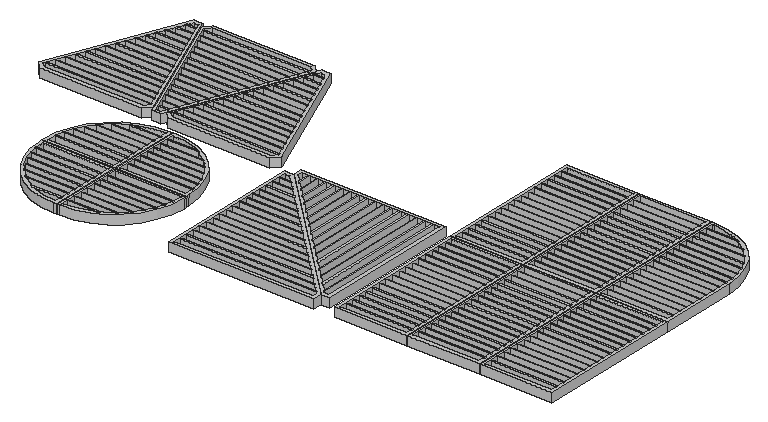
Revit family "CDL-WFD-006_MARTHA'S_RFA", category Modelos genéricos, Revit 2022 (continued)
Forms (in)
  Extrusion 236, solid, not visible
    sketch origin (0.11662, 0.00149, -1.20924) x (0, 1, 0) y (0, 0, -1)
      loop
        line (0.96881, 1.14538) -> (0.96881, -1.85462) -> (0.65631, -1.85462) -> (0.65631, -2.35462) -> (0.96881, -2.35462) -> (3.48948, -2.35462) -> (3.48948, -0.60462) -> (4.19814, -0.60462) -> (4.19814, -2.35462) -> (9.23948, -2.35462) -> (9.23948, -0.60462) -> (9.94814, -0.60462) -> (9.94814, -2.35462) -> (14.98948, -2.35462) -> (14.98948, -0.60462) -> (15.69814, -0.60462) -> (15.69814, -2.35462) -> (20.73948, -2.35462) -> (20.73948, -0.60462) -> (21.44814, -0.60462) -> (21.44814, -2.35462) -> (24.28131, -2.35462) -> (24.28131, -1.85462) -> (23.96881, -1.85462) -> (23.96881, 1.14538) -> (0.96881, 1.14538)
    from -3.96341 to -3.49097
  Extrusion 237, solid, not visible
    sketch origin (-0.00149, 0.00149, -1.20924) x (0, 1, 0) y (0, 0, -1)
      loop
        line (0.96881, 1.14538) -> (0.96881, -1.85462) -> (0.65631, -1.85462) -> (0.65631, -2.35462) -> (0.96881, -2.35462) -> (3.48948, -2.35462) -> (3.48948, -0.60462) -> (4.19814, -0.60462) -> (4.19814, -2.35462) -> (9.23948, -2.35462) -> (9.23948, -0.60462) -> (9.94814, -0.60462) -> (9.94814, -2.35462) -> (14.98948, -2.35462) -> (14.98948, -0.60462) -> (15.69814, -0.60462) -> (15.69814, -2.35462) -> (20.73948, -2.35462) -> (20.73948, -0.60462) -> (21.44814, -0.60462) -> (21.44814, -2.35462) -> (24.28131, -2.35462) -> (24.28131, -1.85462) -> (23.96881, -1.85462) -> (23.96881, 1.14538) -> (0.96881, 1.14538)
    from -4.19963 to -4.08152
  Extrusion 238, solid, not visible
    sketch origin (0, 0, 0) x (1, 0, 0) y (0, 0, 1)
      loop
        line (0.96881, 0.64538) -> (0.96881, -2.35462) -> (3.48948, -2.35462) -> (3.48948, -0.60462) -> (4.19814, -0.60462) -> (4.19814, -2.35462) -> (9.23948, -2.35462) -> (9.23948, -0.60462) -> (9.94814, -0.60462) -> (9.94814, -2.35462) -> (14.98948, -2.35462) -> (14.98948, -0.60462) -> (15.69814, -0.60462) -> (15.69814, -2.35462) -> (20.73948, -2.35462) -> (20.73948, -0.60462) -> (21.44814, -0.60462) -> (21.44814, -2.35462) -> (23.96881, -2.35462) -> (23.96881, 0.64538) -> (24.28131, 0.64538) -> (24.28131, 1.14538) -> (0.65631, 1.14538) -> (0.65631, 0.64538) -> (0.96881, 0.64538)
    from -3.60908 to -3.49097
  Extrusion 239, solid, not visible
    sketch origin (0, 0, 0) x (1, 0, 0) y (0, 0, 1)
      loop
        line (0.96881, 0.64538) -> (0.96881, -2.35462) -> (3.48948, -2.35462) -> (3.48948, -0.60462) -> (4.19814, -0.60462) -> (4.19814, -2.35462) -> (9.23948, -2.35462) -> (9.23948, -0.60462) -> (9.94814, -0.60462) -> (9.94814, -2.35462) -> (14.98948, -2.35462) -> (14.98948, -0.60462) -> (15.69814, -0.60462) -> (15.69814, -2.35462) -> (20.73948, -2.35462) -> (20.73948, -0.60462) -> (21.44814, -0.60462) -> (21.44814, -2.35462) -> (23.96881, -2.35462) -> (23.96881, 0.64538) -> (24.28131, 0.64538) -> (24.28131, 1.14538) -> (0.65631, 1.14538) -> (0.65631, 0.64538) -> (0.96881, 0.64538)
    from -4.08152 to -3.60908
  Extrusion 240, solid, not visible
    sketch origin (0, 0, 0) x (1, 0, 0) y (0, 0, 1)
      loop
        line (0.96881, 0.64538) -> (0.96881, -2.35462) -> (3.48948, -2.35462) -> (3.48948, -0.60462) -> (4.19814, -0.60462) -> (4.19814, -2.35462) -> (9.23948, -2.35462) -> (9.23948, -0.60462) -> (9.94814, -0.60462) -> (9.94814, -2.35462) -> (14.98948, -2.35462) -> (14.98948, -0.60462) -> (15.69814, -0.60462) -> (15.69814, -2.35462) -> (20.73948, -2.35462) -> (20.73948, -0.60462) -> (21.44814, -0.60462) -> (21.44814, -2.35462) -> (23.96881, -2.35462) -> (23.96881, 0.64538) -> (24.28131, 0.64538) -> (24.28131, 1.14538) -> (0.65631, 1.14538) -> (0.65631, 0.64538) -> (0.96881, 0.64538)
    from -4.19963 to -4.08152
  Extrusion 241, solid, not visible
    sketch origin (0, 0, 0) x (1, 0, 0) y (0, 0, 1)
      loop
        line (0.96881, 0.64538) -> (0.96881, -2.35462) -> (3.48948, -2.35462) -> (3.48948, -0.60462) -> (4.19814, -0.60462) -> (4.19814, -2.35462) -> (9.23948, -2.35462) -> (9.23948, -0.60462) -> (9.94814, -0.60462) -> (9.94814, -2.35462) -> (14.98948, -2.35462) -> (14.98948, -0.60462) -> (15.69814, -0.60462) -> (15.69814, -2.35462) -> (20.73948, -2.35462) -> (20.73948, -0.60462) -> (21.44814, -0.60462) -> (21.44814, -2.35462) -> (23.96881, -2.35462) -> (23.96881, 0.64538) -> (24.28131, 0.64538) -> (24.28131, 1.14538) -> (0.65631, 1.14538) -> (0.65631, 0.64538) -> (0.96881, 0.64538)
    from -9.94963 to -9.83152
  Extrusion 242, solid, not visible
    sketch origin (0, 0, 0) x (1, 0, 0) y (0, 0, 1)
      loop
        line (0.96881, 0.64538) -> (0.96881, -2.35462) -> (3.48948, -2.35462) -> (3.48948, -0.60462) -> (4.19814, -0.60462) -> (4.19814, -2.35462) -> (9.23948, -2.35462) -> (9.23948, -0.60462) -> (9.94814, -0.60462) -> (9.94814, -2.35462) -> (14.98948, -2.35462) -> (14.98948, -0.60462) -> (15.69814, -0.60462) -> (15.69814, -2.35462) -> (20.73948, -2.35462) -> (20.73948, -0.60462) -> (21.44814, -0.60462) -> (21.44814, -2.35462) -> (23.96881, -2.35462) -> (23.96881, 0.64538) -> (24.28131, 0.64538) -> (24.28131, 1.14538) -> (0.65631, 1.14538) -> (0.65631, 0.64538) -> (0.96881, 0.64538)
    from -9.35908 to -9.24097
  Extrusion 243, solid, not visible
    sketch origin (0, 0, 0) x (1, 0, 0) y (0, 0, 1)
      loop
        line (0.96881, 0.64538) -> (0.96881, -2.35462) -> (3.48948, -2.35462) -> (3.48948, -0.60462) -> (4.19814, -0.60462) -> (4.19814, -2.35462) -> (9.23948, -2.35462) -> (9.23948, -0.60462) -> (9.94814, -0.60462) -> (9.94814, -2.35462) -> (14.98948, -2.35462) -> (14.98948, -0.60462) -> (15.69814, -0.60462) -> (15.69814, -2.35462) -> (20.73948, -2.35462) -> (20.73948, -0.60462) -> (21.44814, -0.60462) -> (21.44814, -2.35462) -> (23.96881, -2.35462) -> (23.96881, 0.64538) -> (24.28131, 0.64538) -> (24.28131, 1.14538) -> (0.65631, 1.14538) -> (0.65631, 0.64538) -> (0.96881, 0.64538)
    from -9.83152 to -9.35908
  Extrusion 244, solid, not visible
    sketch origin (0, 0, 0) x (1, 0, 0) y (0, 0, 1)
      loop
        line (0.96881, 0.64538) -> (0.96881, -2.35462) -> (3.48948, -2.35462) -> (3.48948, -0.60462) -> (4.19814, -0.60462) -> (4.19814, -2.35462) -> (9.23948, -2.35462) -> (9.23948, -0.60462) -> (9.94814, -0.60462) -> (9.94814, -2.35462) -> (14.98948, -2.35462) -> (14.98948, -0.60462) -> (15.69814, -0.60462) -> (15.69814, -2.35462) -> (20.73948, -2.35462) -> (20.73948, -0.60462) -> (21.44814, -0.60462) -> (21.44814, -2.35462) -> (23.96881, -2.35462) -> (23.96881, 0.64538) -> (24.28131, 0.64538) -> (24.28131, 1.14538) -> (0.65631, 1.14538) -> (0.65631, 0.64538) -> (0.96881, 0.64538)
    from -15.69963 to -15.58152
  Extrusion 245, solid, not visible
    sketch origin (0, 0, 0) x (1, 0, 0) y (0, 0, 1)
      loop
        line (0.96881, 0.64538) -> (0.96881, -2.35462) -> (3.48948, -2.35462) -> (3.48948, -0.60462) -> (4.19814, -0.60462) -> (4.19814, -2.35462) -> (9.23948, -2.35462) -> (9.23948, -0.60462) -> (9.94814, -0.60462) -> (9.94814, -2.35462) -> (14.98948, -2.35462) -> (14.98948, -0.60462) -> (15.69814, -0.60462) -> (15.69814, -2.35462) -> (20.73948, -2.35462) -> (20.73948, -0.60462) -> (21.44814, -0.60462) -> (21.44814, -2.35462) -> (23.96881, -2.35462) -> (23.96881, 0.64538) -> (24.28131, 0.64538) -> (24.28131, 1.14538) -> (0.65631, 1.14538) -> (0.65631, 0.64538) -> (0.96881, 0.64538)
    from -15.10908 to -14.99097
  Extrusion 246, solid, not visible
    sketch origin (0, 0, 0) x (1, 0, 0) y (0, 0, 1)
      loop
        line (0.96881, 0.64538) -> (0.96881, -2.35462) -> (3.48948, -2.35462) -> (3.48948, -0.60462) -> (4.19814, -0.60462) -> (4.19814, -2.35462) -> (9.23948, -2.35462) -> (9.23948, -0.60462) -> (9.94814, -0.60462) -> (9.94814, -2.35462) -> (14.98948, -2.35462) -> (14.98948, -0.60462) -> (15.69814, -0.60462) -> (15.69814, -2.35462) -> (20.73948, -2.35462) -> (20.73948, -0.60462) -> (21.44814, -0.60462) -> (21.44814, -2.35462) -> (23.96881, -2.35462) -> (23.96881, 0.64538) -> (24.28131, 0.64538) -> (24.28131, 1.14538) -> (0.65631, 1.14538) -> (0.65631, 0.64538) -> (0.96881, 0.64538)
    from -15.58152 to -15.10908
  Extrusion 247, solid, not visible
    sketch origin (0, 0, 0) x (1, 0, 0) y (0, 0, 1)
      loop
        line (0.96881, 0.64538) -> (0.96881, -2.35462) -> (3.48948, -2.35462) -> (3.48948, -0.60462) -> (4.19814, -0.60462) -> (4.19814, -2.35462) -> (9.23948, -2.35462) -> (9.23948, -0.60462) -> (9.94814, -0.60462) -> (9.94814, -2.35462) -> (14.98948, -2.35462) -> (14.98948, -0.60462) -> (15.69814, -0.60462) -> (15.69814, -2.35462) -> (20.73948, -2.35462) -> (20.73948, -0.60462) -> (21.44814, -0.60462) -> (21.44814, -2.35462) -> (23.96881, -2.35462) -> (23.96881, 0.64538) -> (24.28131, 0.64538) -> (24.28131, 1.14538) -> (0.65631, 1.14538) -> (0.65631, 0.64538) -> (0.96881, 0.64538)
    from -21.44963 to -21.33152
  Extrusion 248, solid, not visible
    sketch origin (0, 0, 0) x (1, 0, 0) y (0, 0, 1)
      loop
        line (0.96881, 0.64538) -> (0.96881, -2.35462) -> (3.48948, -2.35462) -> (3.48948, -0.60462) -> (4.19814, -0.60462) -> (4.19814, -2.35462) -> (9.23948, -2.35462) -> (9.23948, -0.60462) -> (9.94814, -0.60462) -> (9.94814, -2.35462) -> (14.98948, -2.35462) -> (14.98948, -0.60462) -> (15.69814, -0.60462) -> (15.69814, -2.35462) -> (20.73948, -2.35462) -> (20.73948, -0.60462) -> (21.44814, -0.60462) -> (21.44814, -2.35462) -> (23.96881, -2.35462) -> (23.96881, 0.64538) -> (24.28131, 0.64538) -> (24.28131, 1.14538) -> (0.65631, 1.14538) -> (0.65631, 0.64538) -> (0.96881, 0.64538)
    from -20.85908 to -20.74097
  Extrusion 249, solid, not visible
    sketch origin (0, 0, 0) x (1, 0, 0) y (0, 0, 1)
      loop
        line (0.96881, 0.64538) -> (0.96881, -2.35462) -> (3.48948, -2.35462) -> (3.48948, -0.60462) -> (4.19814, -0.60462) -> (4.19814, -2.35462) -> (9.23948, -2.35462) -> (9.23948, -0.60462) -> (9.94814, -0.60462) -> (9.94814, -2.35462) -> (14.98948, -2.35462) -> (14.98948, -0.60462) -> (15.69814, -0.60462) -> (15.69814, -2.35462) -> (20.73948, -2.35462) -> (20.73948, -0.60462) -> (21.44814, -0.60462) -> (21.44814, -2.35462) -> (23.96881, -2.35462) -> (23.96881, 0.64538) -> (24.28131, 0.64538) -> (24.28131, 1.14538) -> (0.65631, 1.14538) -> (0.65631, 0.64538) -> (0.96881, 0.64538)
    from -21.33152 to -20.85908
  Extrusion 250, solid, not visible
    sketch origin (-0.00149, 0.00149, -1.20924) x (0, 1, 0) y (0, 0, -1)
      loop
        line (0.96881, 1.14538) -> (0.96881, -1.85462) -> (0.65631, -1.85462) -> (0.65631, -2.35462) -> (0.96881, -2.35462) -> (3.48948, -2.35462) -> (3.48948, -0.60462) -> (4.19814, -0.60462) -> (4.19814, -2.35462) -> (9.23948, -2.35462) -> (9.23948, -0.60462) -> (9.94814, -0.60462) -> (9.94814, -2.35462) -> (14.98948, -2.35462) -> (14.98948, -0.60462) -> (15.69814, -0.60462) -> (15.69814, -2.35462) -> (20.73948, -2.35462) -> (20.73948, -0.60462) -> (21.44814, -0.60462) -> (21.44814, -2.35462) -> (24.28131, -2.35462) -> (24.28131, -1.85462) -> (23.96881, -1.85462) -> (23.96881, 1.14538) -> (0.96881, 1.14538)
    from -3.60908 to -3.49097
  Extrusion 251, solid, not visible
    sketch origin (0.11662, 0.00149, -1.20924) x (0, 1, 0) y (0, 0, -1)
      loop
        line (0.96881, 1.14538) -> (0.96881, -1.85462) -> (0.65631, -1.85462) -> (0.65631, -2.35462) -> (0.96881, -2.35462) -> (3.48948, -2.35462) -> (3.48948, -0.60462) -> (4.19814, -0.60462) -> (4.19814, -2.35462) -> (9.23948, -2.35462) -> (9.23948, -0.60462) -> (9.94814, -0.60462) -> (9.94814, -2.35462) -> (14.98948, -2.35462) -> (14.98948, -0.60462) -> (15.69814, -0.60462) -> (15.69814, -2.35462) -> (20.73948, -2.35462) -> (20.73948, -0.60462) -> (21.44814, -0.60462) -> (21.44814, -2.35462) -> (24.28131, -2.35462) -> (24.28131, -1.85462) -> (23.96881, -1.85462) -> (23.96881, 1.14538) -> (0.96881, 1.14538)
    from -3.96341 to -3.49097
  Extrusion 252, solid, not visible
    sketch origin (-0.00149, 0.00149, -1.20924) x (0, 1, 0) y (0, 0, -1)
      loop
        line (0.96881, 1.14538) -> (0.96881, -1.85462) -> (0.65631, -1.85462) -> (0.65631, -2.35462) -> (0.96881, -2.35462) -> (3.48948, -2.35462) -> (3.48948, -0.60462) -> (4.19814, -0.60462) -> (4.19814, -2.35462) -> (9.23948, -2.35462) -> (9.23948, -0.60462) -> (9.94814, -0.60462) -> (9.94814, -2.35462) -> (14.98948, -2.35462) -> (14.98948, -0.60462) -> (15.69814, -0.60462) -> (15.69814, -2.35462) -> (20.73948, -2.35462) -> (20.73948, -0.60462) -> (21.44814, -0.60462) -> (21.44814, -2.35462) -> (24.28131, -2.35462) -> (24.28131, -1.85462) -> (23.96881, -1.85462) -> (23.96881, 1.14538) -> (0.96881, 1.14538)
    from -4.19963 to -4.08152
  Extrusion 253, solid, not visible
    sketch origin (5.74851, 0.00149, -1.20924) x (0, 1, 0) y (0, 0, -1)
      loop
        line (0.96881, 1.14538) -> (0.96881, -1.85462) -> (0.65631, -1.85462) -> (0.65631, -2.35462) -> (0.96881, -2.35462) -> (3.48948, -2.35462) -> (3.48948, -0.60462) -> (4.19814, -0.60462) -> (4.19814, -2.35462) -> (9.23948, -2.35462) -> (9.23948, -0.60462) -> (9.94814, -0.60462) -> (9.94814, -2.35462) -> (14.98948, -2.35462) -> (14.98948, -0.60462) -> (15.69814, -0.60462) -> (15.69814, -2.35462) -> (20.73948, -2.35462) -> (20.73948, -0.60462) -> (21.44814, -0.60462) -> (21.44814, -2.35462) -> (24.28131, -2.35462) -> (24.28131, -1.85462) -> (23.96881, -1.85462) -> (23.96881, 1.14538) -> (0.96881, 1.14538)
    from -4.19963 to -4.08152
  Extrusion 254, solid, not visible
    sketch origin (5.15796, 0.00149, -1.20924) x (0, 1, 0) y (0, 0, -1)
      loop
        line (0.96881, 1.14538) -> (0.96881, -1.85462) -> (0.65631, -1.85462) -> (0.65631, -2.35462) -> (0.96881, -2.35462) -> (3.48948, -2.35462) -> (3.48948, -0.60462) -> (4.19814, -0.60462) -> (4.19814, -2.35462) -> (9.23948, -2.35462) -> (9.23948, -0.60462) -> (9.94814, -0.60462) -> (9.94814, -2.35462) -> (14.98948, -2.35462) -> (14.98948, -0.60462) -> (15.69814, -0.60462) -> (15.69814, -2.35462) -> (20.73948, -2.35462) -> (20.73948, -0.60462) -> (21.44814, -0.60462) -> (21.44814, -2.35462) -> (24.28131, -2.35462) -> (24.28131, -1.85462) -> (23.96881, -1.85462) -> (23.96881, 1.14538) -> (0.96881, 1.14538)
    from -4.19963 to -4.08152
  Extrusion 255, solid, not visible
    sketch origin (11.49851, 0.00149, -1.20924) x (0, 1, 0) y (0, 0, -1)
      loop
        line (0.96881, 1.14538) -> (0.96881, -1.85462) -> (0.65631, -1.85462) -> (0.65631, -2.35462) -> (0.96881, -2.35462) -> (3.48948, -2.35462) -> (3.48948, -0.60462) -> (4.19814, -0.60462) -> (4.19814, -2.35462) -> (9.23948, -2.35462) -> (9.23948, -0.60462) -> (9.94814, -0.60462) -> (9.94814, -2.35462) -> (14.98948, -2.35462) -> (14.98948, -0.60462) -> (15.69814, -0.60462) -> (15.69814, -2.35462) -> (20.73948, -2.35462) -> (20.73948, -0.60462) -> (21.44814, -0.60462) -> (21.44814, -2.35462) -> (24.28131, -2.35462) -> (24.28131, -1.85462) -> (23.96881, -1.85462) -> (23.96881, 1.14538) -> (0.96881, 1.14538)
    from -4.19963 to -4.08152
  Extrusion 256, solid, not visible
    sketch origin (10.90796, 0.00149, -1.20924) x (0, 1, 0) y (0, 0, -1)
      loop
        line (0.96881, 1.14538) -> (0.96881, -1.85462) -> (0.65631, -1.85462) -> (0.65631, -2.35462) -> (0.96881, -2.35462) -> (3.48948, -2.35462) -> (3.48948, -0.60462) -> (4.19814, -0.60462) -> (4.19814, -2.35462) -> (9.23948, -2.35462) -> (9.23948, -0.60462) -> (9.94814, -0.60462) -> (9.94814, -2.35462) -> (14.98948, -2.35462) -> (14.98948, -0.60462) -> (15.69814, -0.60462) -> (15.69814, -2.35462) -> (20.73948, -2.35462) -> (20.73948, -0.60462) -> (21.44814, -0.60462) -> (21.44814, -2.35462) -> (24.28131, -2.35462) -> (24.28131, -1.85462) -> (23.96881, -1.85462) -> (23.96881, 1.14538) -> (0.96881, 1.14538)
    from -4.19963 to -4.08152
  Extrusion 257, solid, not visible
    sketch origin (16.65796, 0.00149, -1.20924) x (0, 1, 0) y (0, 0, -1)
      loop
        line (0.96881, 1.14538) -> (0.96881, -1.85462) -> (0.65631, -1.85462) -> (0.65631, -2.35462) -> (0.96881, -2.35462) -> (3.48948, -2.35462) -> (3.48948, -0.60462) -> (4.19814, -0.60462) -> (4.19814, -2.35462) -> (9.23948, -2.35462) -> (9.23948, -0.60462) -> (9.94814, -0.60462) -> (9.94814, -2.35462) -> (14.98948, -2.35462) -> (14.98948, -0.60462) -> (15.69814, -0.60462) -> (15.69814, -2.35462) -> (20.73948, -2.35462) -> (20.73948, -0.60462) -> (21.44814, -0.60462) -> (21.44814, -2.35462) -> (24.28131, -2.35462) -> (24.28131, -1.85462) -> (23.96881, -1.85462) -> (23.96881, 1.14538) -> (0.96881, 1.14538)
    from -4.19963 to -4.08152
  Extrusion 258, solid, not visible
    sketch origin (17.24851, 0.00149, -1.20924) x (0, 1, 0) y (0, 0, -1)
      loop
        line (0.96881, 1.14538) -> (0.96881, -1.85462) -> (0.65631, -1.85462) -> (0.65631, -2.35462) -> (0.96881, -2.35462) -> (3.48948, -2.35462) -> (3.48948, -0.60462) -> (4.19814, -0.60462) -> (4.19814, -2.35462) -> (9.23948, -2.35462) -> (9.23948, -0.60462) -> (9.94814, -0.60462) -> (9.94814, -2.35462) -> (14.98948, -2.35462) -> (14.98948, -0.60462) -> (15.69814, -0.60462) -> (15.69814, -2.35462) -> (20.73948, -2.35462) -> (20.73948, -0.60462) -> (21.44814, -0.60462) -> (21.44814, -2.35462) -> (24.28131, -2.35462) -> (24.28131, -1.85462) -> (23.96881, -1.85462) -> (23.96881, 1.14538) -> (0.96881, 1.14538)
    from -4.19963 to -4.08152
  Extrusion 259, solid, not visible
    sketch origin (5.86662, 0.00149, -1.20924) x (0, 1, 0) y (0, 0, -1)
      loop
        line (0.96881, 1.14538) -> (0.96881, -1.85462) -> (0.65631, -1.85462) -> (0.65631, -2.35462) -> (0.96881, -2.35462) -> (3.48948, -2.35462) -> (3.48948, -0.60462) -> (4.19814, -0.60462) -> (4.19814, -2.35462) -> (9.23948, -2.35462) -> (9.23948, -0.60462) -> (9.94814, -0.60462) -> (9.94814, -2.35462) -> (14.98948, -2.35462) -> (14.98948, -0.60462) -> (15.69814, -0.60462) -> (15.69814, -2.35462) -> (20.73948, -2.35462) -> (20.73948, -0.60462) -> (21.44814, -0.60462) -> (21.44814, -2.35462) -> (24.28131, -2.35462) -> (24.28131, -1.85462) -> (23.96881, -1.85462) -> (23.96881, 1.14538) -> (0.96881, 1.14538)
    from -3.96341 to -3.49097
  Extrusion 260, solid, not visible
    sketch origin (11.61662, 0.00149, -1.20924) x (0, 1, 0) y (0, 0, -1)
      loop
        line (0.96881, 1.14538) -> (0.96881, -1.85462) -> (0.65631, -1.85462) -> (0.65631, -2.35462) -> (0.96881, -2.35462) -> (3.48948, -2.35462) -> (3.48948, -0.60462) -> (4.19814, -0.60462) -> (4.19814, -2.35462) -> (9.23948, -2.35462) -> (9.23948, -0.60462) -> (9.94814, -0.60462) -> (9.94814, -2.35462) -> (14.98948, -2.35462) -> (14.98948, -0.60462) -> (15.69814, -0.60462) -> (15.69814, -2.35462) -> (20.73948, -2.35462) -> (20.73948, -0.60462) -> (21.44814, -0.60462) -> (21.44814, -2.35462) -> (24.28131, -2.35462) -> (24.28131, -1.85462) -> (23.96881, -1.85462) -> (23.96881, 1.14538) -> (0.96881, 1.14538)
    from -3.96341 to -3.49097
  Extrusion 261, solid, not visible
    sketch origin (17.36662, 0.00149, -1.20924) x (0, 1, 0) y (0, 0, -1)
      loop
        line (0.96881, 1.14538) -> (0.96881, -1.85462) -> (0.65631, -1.85462) -> (0.65631, -2.35462) -> (0.96881, -2.35462) -> (3.48948, -2.35462) -> (3.48948, -0.60462) -> (4.19814, -0.60462) -> (4.19814, -2.35462) -> (9.23948, -2.35462) -> (9.23948, -0.60462) -> (9.94814, -0.60462) -> (9.94814, -2.35462) -> (14.98948, -2.35462) -> (14.98948, -0.60462) -> (15.69814, -0.60462) -> (15.69814, -2.35462) -> (20.73948, -2.35462) -> (20.73948, -0.60462) -> (21.44814, -0.60462) -> (21.44814, -2.35462) -> (24.28131, -2.35462) -> (24.28131, -1.85462) -> (23.96881, -1.85462) -> (23.96881, 1.14538) -> (0.96881, 1.14538)
    from -3.96341 to -3.49097
  Extrusion 262, solid, not visible
    sketch origin (0, 0, 0) x (1, 0, 0) y (0, 0, 1)
      loop
        line (0.96881, 0.64538) -> (0.96881, -2.35462) -> (3.48948, -2.35462) -> (3.48948, -0.60462) -> (4.19814, -0.60462) -> (4.19814, -2.35462) -> (9.23948, -2.35462) -> (9.23948, -0.60462) -> (9.94814, -0.60462) -> (9.94814, -2.35462) -> (14.98948, -2.35462) -> (14.98948, -0.60462) -> (15.69814, -0.60462) -> (15.69814, -2.35462) -> (20.73948, -2.35462) -> (20.73948, -0.60462) -> (21.44814, -0.60462) -> (21.44814, -2.35462) -> (23.96881, -2.35462) -> (23.96881, 0.64538) -> (24.28131, 0.64538) -> (24.28131, 1.14538) -> (0.65631, 1.14538) -> (0.65631, 0.64538) -> (0.96881, 0.64538)
    from -3.60908 to -3.49097
  Extrusion 263, solid, not visible
    sketch origin (0, 0, 0) x (1, 0, 0) y (0, 0, 1)
      loop
        line (0.96881, 0.64538) -> (0.96881, -2.35462) -> (3.48948, -2.35462) -> (3.48948, -0.60462) -> (4.19814, -0.60462) -> (4.19814, -2.35462) -> (9.23948, -2.35462) -> (9.23948, -0.60462) -> (9.94814, -0.60462) -> (9.94814, -2.35462) -> (14.98948, -2.35462) -> (14.98948, -0.60462) -> (15.69814, -0.60462) -> (15.69814, -2.35462) -> (20.73948, -2.35462) -> (20.73948, -0.60462) -> (21.44814, -0.60462) -> (21.44814, -2.35462) -> (23.96881, -2.35462) -> (23.96881, 0.64538) -> (24.28131, 0.64538) -> (24.28131, 1.14538) -> (0.65631, 1.14538) -> (0.65631, 0.64538) -> (0.96881, 0.64538)
    from -4.08152 to -3.60908
  Extrusion 264, solid, not visible
    sketch origin (0, 0, 0) x (1, 0, 0) y (0, 0, 1)
      loop
        line (0.96881, 0.64538) -> (0.96881, -2.35462) -> (3.48948, -2.35462) -> (3.48948, -0.60462) -> (4.19814, -0.60462) -> (4.19814, -2.35462) -> (9.23948, -2.35462) -> (9.23948, -0.60462) -> (9.94814, -0.60462) -> (9.94814, -2.35462) -> (14.98948, -2.35462) -> (14.98948, -0.60462) -> (15.69814, -0.60462) -> (15.69814, -2.35462) -> (20.73948, -2.35462) -> (20.73948, -0.60462) -> (21.44814, -0.60462) -> (21.44814, -2.35462) -> (23.96881, -2.35462) -> (23.96881, 0.64538) -> (24.28131, 0.64538) -> (24.28131, 1.14538) -> (0.65631, 1.14538) -> (0.65631, 0.64538) -> (0.96881, 0.64538)
    from -4.19963 to -4.08152
  Extrusion 265, solid, not visible
    sketch origin (-0.00149, 0.00149, -1.20924) x (0, 1, 0) y (0, 0, -1)
      loop
        line (0.96881, 1.14538) -> (0.96881, -1.85462) -> (0.65631, -1.85462) -> (0.65631, -2.35462) -> (0.96881, -2.35462) -> (3.48948, -2.35462) -> (3.48948, -0.60462) -> (4.19814, -0.60462) -> (4.19814, -2.35462) -> (9.23948, -2.35462) -> (9.23948, -0.60462) -> (9.94814, -0.60462) -> (9.94814, -2.35462) -> (14.98948, -2.35462) -> (14.98948, -0.60462) -> (15.69814, -0.60462) -> (15.69814, -2.35462) -> (20.73948, -2.35462) -> (20.73948, -0.60462) -> (21.44814, -0.60462) -> (21.44814, -2.35462) -> (24.28131, -2.35462) -> (24.28131, -1.85462) -> (23.96881, -1.85462) -> (23.96881, 1.14538) -> (0.96881, 1.14538)
    from -3.60908 to -3.49097
  Extrusion 266, solid, not visible
    sketch origin (0.11662, 0.00149, -1.20924) x (0, 1, 0) y (0, 0, -1)
      loop
        line (0.96881, 1.14538) -> (0.96881, -1.85462) -> (0.65631, -1.85462) -> (0.65631, -2.35462) -> (0.96881, -2.35462) -> (3.48948, -2.35462) -> (3.48948, -0.60462) -> (4.19814, -0.60462) -> (4.19814, -2.35462) -> (9.23948, -2.35462) -> (9.23948, -0.60462) -> (9.94814, -0.60462) -> (9.94814, -2.35462) -> (14.98948, -2.35462) -> (14.98948, -0.60462) -> (15.69814, -0.60462) -> (15.69814, -2.35462) -> (20.73948, -2.35462) -> (20.73948, -0.60462) -> (21.44814, -0.60462) -> (21.44814, -2.35462) -> (24.28131, -2.35462) -> (24.28131, -1.85462) -> (23.96881, -1.85462) -> (23.96881, 1.14538) -> (0.96881, 1.14538)
    from -3.96341 to -3.49097
  Extrusion 267, solid, not visible
    sketch origin (-0.00149, 0.00149, -1.20924) x (0, 1, 0) y (0, 0, -1)
      loop
        line (0.96881, 1.14538) -> (0.96881, -1.85462) -> (0.65631, -1.85462) -> (0.65631, -2.35462) -> (0.96881, -2.35462) -> (3.48948, -2.35462) -> (3.48948, -0.60462) -> (4.19814, -0.60462) -> (4.19814, -2.35462) -> (9.23948, -2.35462) -> (9.23948, -0.60462) -> (9.94814, -0.60462) -> (9.94814, -2.35462) -> (14.98948, -2.35462) -> (14.98948, -0.60462) -> (15.69814, -0.60462) -> (15.69814, -2.35462) -> (20.73948, -2.35462) -> (20.73948, -0.60462) -> (21.44814, -0.60462) -> (21.44814, -2.35462) -> (24.28131, -2.35462) -> (24.28131, -1.85462) -> (23.96881, -1.85462) -> (23.96881, 1.14538) -> (0.96881, 1.14538)
    from -4.19963 to -4.08152
  Extrusion 268, solid, not visible
    sketch origin (0, 0, 0) x (1, 0, 0) y (0, 0, 1)
      loop
        line (0.96881, 0.64538) -> (0.96881, -2.35462) -> (3.48948, -2.35462) -> (3.48948, -0.60462) -> (4.19814, -0.60462) -> (4.19814, -2.35462) -> (9.23948, -2.35462) -> (9.23948, -0.60462) -> (9.94814, -0.60462) -> (9.94814, -2.35462) -> (14.98948, -2.35462) -> (14.98948, -0.60462) -> (15.69814, -0.60462) -> (15.69814, -2.35462) -> (20.73948, -2.35462) -> (20.73948, -0.60462) -> (21.44814, -0.60462) -> (21.44814, -2.35462) -> (23.96881, -2.35462) -> (23.96881, 0.64538) -> (24.28131, 0.64538) -> (24.28131, 1.14538) -> (0.65631, 1.14538) -> (0.65631, 0.64538) -> (0.96881, 0.64538)
    from -9.94963 to -9.83152
  Extrusion 269, solid, not visible
    sketch origin (0, 0, 0) x (1, 0, 0) y (0, 0, 1)
      loop
        line (0.96881, 0.64538) -> (0.96881, -2.35462) -> (3.48948, -2.35462) -> (3.48948, -0.60462) -> (4.19814, -0.60462) -> (4.19814, -2.35462) -> (9.23948, -2.35462) -> (9.23948, -0.60462) -> (9.94814, -0.60462) -> (9.94814, -2.35462) -> (14.98948, -2.35462) -> (14.98948, -0.60462) -> (15.69814, -0.60462) -> (15.69814, -2.35462) -> (20.73948, -2.35462) -> (20.73948, -0.60462) -> (21.44814, -0.60462) -> (21.44814, -2.35462) -> (23.96881, -2.35462) -> (23.96881, 0.64538) -> (24.28131, 0.64538) -> (24.28131, 1.14538) -> (0.65631, 1.14538) -> (0.65631, 0.64538) -> (0.96881, 0.64538)
    from -9.35908 to -9.24097
  Extrusion 270, solid, not visible
    sketch origin (0, 0, 0) x (1, 0, 0) y (0, 0, 1)
      loop
        line (0.96881, 0.64538) -> (0.96881, -2.35462) -> (3.48948, -2.35462) -> (3.48948, -0.60462) -> (4.19814, -0.60462) -> (4.19814, -2.35462) -> (9.23948, -2.35462) -> (9.23948, -0.60462) -> (9.94814, -0.60462) -> (9.94814, -2.35462) -> (14.98948, -2.35462) -> (14.98948, -0.60462) -> (15.69814, -0.60462) -> (15.69814, -2.35462) -> (20.73948, -2.35462) -> (20.73948, -0.60462) -> (21.44814, -0.60462) -> (21.44814, -2.35462) -> (23.96881, -2.35462) -> (23.96881, 0.64538) -> (24.28131, 0.64538) -> (24.28131, 1.14538) -> (0.65631, 1.14538) -> (0.65631, 0.64538) -> (0.96881, 0.64538)
    from -9.83152 to -9.35908
  Extrusion 271, solid, not visible
    sketch origin (0, 0, 0) x (1, 0, 0) y (0, 0, 1)
      loop
        line (0.96881, 0.64538) -> (0.96881, -2.35462) -> (3.48948, -2.35462) -> (3.48948, -0.60462) -> (4.19814, -0.60462) -> (4.19814, -2.35462) -> (9.23948, -2.35462) -> (9.23948, -0.60462) -> (9.94814, -0.60462) -> (9.94814, -2.35462) -> (14.98948, -2.35462) -> (14.98948, -0.60462) -> (15.69814, -0.60462) -> (15.69814, -2.35462) -> (20.73948, -2.35462) -> (20.73948, -0.60462) -> (21.44814, -0.60462) -> (21.44814, -2.35462) -> (23.96881, -2.35462) -> (23.96881, 0.64538) -> (24.28131, 0.64538) -> (24.28131, 1.14538) -> (0.65631, 1.14538) -> (0.65631, 0.64538) -> (0.96881, 0.64538)
    from -15.69963 to -15.58152
  Extrusion 272, solid, not visible
    sketch origin (0, 0, 0) x (1, 0, 0) y (0, 0, 1)
      loop
        line (0.96881, 0.64538) -> (0.96881, -2.35462) -> (3.48948, -2.35462) -> (3.48948, -0.60462) -> (4.19814, -0.60462) -> (4.19814, -2.35462) -> (9.23948, -2.35462) -> (9.23948, -0.60462) -> (9.94814, -0.60462) -> (9.94814, -2.35462) -> (14.98948, -2.35462) -> (14.98948, -0.60462) -> (15.69814, -0.60462) -> (15.69814, -2.35462) -> (20.73948, -2.35462) -> (20.73948, -0.60462) -> (21.44814, -0.60462) -> (21.44814, -2.35462) -> (23.96881, -2.35462) -> (23.96881, 0.64538) -> (24.28131, 0.64538) -> (24.28131, 1.14538) -> (0.65631, 1.14538) -> (0.65631, 0.64538) -> (0.96881, 0.64538)
    from -15.10908 to -14.99097
  Extrusion 273, solid, not visible
    sketch origin (0, 0, 0) x (1, 0, 0) y (0, 0, 1)
      loop
        line (0.96881, 0.64538) -> (0.96881, -2.35462) -> (3.48948, -2.35462) -> (3.48948, -0.60462) -> (4.19814, -0.60462) -> (4.19814, -2.35462) -> (9.23948, -2.35462) -> (9.23948, -0.60462) -> (9.94814, -0.60462) -> (9.94814, -2.35462) -> (14.98948, -2.35462) -> (14.98948, -0.60462) -> (15.69814, -0.60462) -> (15.69814, -2.35462) -> (20.73948, -2.35462) -> (20.73948, -0.60462) -> (21.44814, -0.60462) -> (21.44814, -2.35462) -> (23.96881, -2.35462) -> (23.96881, 0.64538) -> (24.28131, 0.64538) -> (24.28131, 1.14538) -> (0.65631, 1.14538) -> (0.65631, 0.64538) -> (0.96881, 0.64538)
    from -15.58152 to -15.10908
  Extrusion 274, solid, not visible
    sketch origin (0, 0, 0) x (1, 0, 0) y (0, 0, 1)
      loop
        line (0.96881, 0.64538) -> (0.96881, -2.35462) -> (3.48948, -2.35462) -> (3.48948, -0.60462) -> (4.19814, -0.60462) -> (4.19814, -2.35462) -> (9.23948, -2.35462) -> (9.23948, -0.60462) -> (9.94814, -0.60462) -> (9.94814, -2.35462) -> (14.98948, -2.35462) -> (14.98948, -0.60462) -> (15.69814, -0.60462) -> (15.69814, -2.35462) -> (20.73948, -2.35462) -> (20.73948, -0.60462) -> (21.44814, -0.60462) -> (21.44814, -2.35462) -> (23.96881, -2.35462) -> (23.96881, 0.64538) -> (24.28131, 0.64538) -> (24.28131, 1.14538) -> (0.65631, 1.14538) -> (0.65631, 0.64538) -> (0.96881, 0.64538)
    from -21.44963 to -21.33152
  Extrusion 275, solid, not visible
    sketch origin (0, 0, 0) x (1, 0, 0) y (0, 0, 1)
      loop
        line (0.96881, 0.64538) -> (0.96881, -2.35462) -> (3.48948, -2.35462) -> (3.48948, -0.60462) -> (4.19814, -0.60462) -> (4.19814, -2.35462) -> (9.23948, -2.35462) -> (9.23948, -0.60462) -> (9.94814, -0.60462) -> (9.94814, -2.35462) -> (14.98948, -2.35462) -> (14.98948, -0.60462) -> (15.69814, -0.60462) -> (15.69814, -2.35462) -> (20.73948, -2.35462) -> (20.73948, -0.60462) -> (21.44814, -0.60462) -> (21.44814, -2.35462) -> (23.96881, -2.35462) -> (23.96881, 0.64538) -> (24.28131, 0.64538) -> (24.28131, 1.14538) -> (0.65631, 1.14538) -> (0.65631, 0.64538) -> (0.96881, 0.64538)
    from -20.85908 to -20.74097
  Extrusion 276, solid, not visible
    sketch origin (0, 0, 0) x (1, 0, 0) y (0, 0, 1)
      loop
        line (0.96881, 0.64538) -> (0.96881, -2.35462) -> (3.48948, -2.35462) -> (3.48948, -0.60462) -> (4.19814, -0.60462) -> (4.19814, -2.35462) -> (9.23948, -2.35462) -> (9.23948, -0.60462) -> (9.94814, -0.60462) -> (9.94814, -2.35462) -> (14.98948, -2.35462) -> (14.98948, -0.60462) -> (15.69814, -0.60462) -> (15.69814, -2.35462) -> (20.73948, -2.35462) -> (20.73948, -0.60462) -> (21.44814, -0.60462) -> (21.44814, -2.35462) -> (23.96881, -2.35462) -> (23.96881, 0.64538) -> (24.28131, 0.64538) -> (24.28131, 1.14538) -> (0.65631, 1.14538) -> (0.65631, 0.64538) -> (0.96881, 0.64538)
    from -21.33152 to -20.85908
  Extrusion 277, solid, not visible
    sketch origin (5.74851, 0.00149, -1.20924) x (0, 1, 0) y (0, 0, -1)
      loop
        line (0.96881, 1.14538) -> (0.96881, -1.85462) -> (0.65631, -1.85462) -> (0.65631, -2.35462) -> (0.96881, -2.35462) -> (3.48948, -2.35462) -> (3.48948, -0.60462) -> (4.19814, -0.60462) -> (4.19814, -2.35462) -> (9.23948, -2.35462) -> (9.23948, -0.60462) -> (9.94814, -0.60462) -> (9.94814, -2.35462) -> (14.98948, -2.35462) -> (14.98948, -0.60462) -> (15.69814, -0.60462) -> (15.69814, -2.35462) -> (20.73948, -2.35462) -> (20.73948, -0.60462) -> (21.44814, -0.60462) -> (21.44814, -2.35462) -> (24.28131, -2.35462) -> (24.28131, -1.85462) -> (23.96881, -1.85462) -> (23.96881, 1.14538) -> (0.96881, 1.14538)
    from -4.19963 to -4.08152
  Extrusion 278, solid, not visible
    sketch origin (5.15796, 0.00149, -1.20924) x (0, 1, 0) y (0, 0, -1)
      loop
        line (0.96881, 1.14538) -> (0.96881, -1.85462) -> (0.65631, -1.85462) -> (0.65631, -2.35462) -> (0.96881, -2.35462) -> (3.48948, -2.35462) -> (3.48948, -0.60462) -> (4.19814, -0.60462) -> (4.19814, -2.35462) -> (9.23948, -2.35462) -> (9.23948, -0.60462) -> (9.94814, -0.60462) -> (9.94814, -2.35462) -> (14.98948, -2.35462) -> (14.98948, -0.60462) -> (15.69814, -0.60462) -> (15.69814, -2.35462) -> (20.73948, -2.35462) -> (20.73948, -0.60462) -> (21.44814, -0.60462) -> (21.44814, -2.35462) -> (24.28131, -2.35462) -> (24.28131, -1.85462) -> (23.96881, -1.85462) -> (23.96881, 1.14538) -> (0.96881, 1.14538)
    from -4.19963 to -4.08152
  Extrusion 279, solid, not visible
    sketch origin (11.49851, 0.00149, -1.20924) x (0, 1, 0) y (0, 0, -1)
      loop
        line (0.96881, 1.14538) -> (0.96881, -1.85462) -> (0.65631, -1.85462) -> (0.65631, -2.35462) -> (0.96881, -2.35462) -> (3.48948, -2.35462) -> (3.48948, -0.60462) -> (4.19814, -0.60462) -> (4.19814, -2.35462) -> (9.23948, -2.35462) -> (9.23948, -0.60462) -> (9.94814, -0.60462) -> (9.94814, -2.35462) -> (14.98948, -2.35462) -> (14.98948, -0.60462) -> (15.69814, -0.60462) -> (15.69814, -2.35462) -> (20.73948, -2.35462) -> (20.73948, -0.60462) -> (21.44814, -0.60462) -> (21.44814, -2.35462) -> (24.28131, -2.35462) -> (24.28131, -1.85462) -> (23.96881, -1.85462) -> (23.96881, 1.14538) -> (0.96881, 1.14538)
    from -4.19963 to -4.08152
  Extrusion 280, solid, not visible
    sketch origin (10.90796, 0.00149, -1.20924) x (0, 1, 0) y (0, 0, -1)
      loop
        line (0.96881, 1.14538) -> (0.96881, -1.85462) -> (0.65631, -1.85462) -> (0.65631, -2.35462) -> (0.96881, -2.35462) -> (3.48948, -2.35462) -> (3.48948, -0.60462) -> (4.19814, -0.60462) -> (4.19814, -2.35462) -> (9.23948, -2.35462) -> (9.23948, -0.60462) -> (9.94814, -0.60462) -> (9.94814, -2.35462) -> (14.98948, -2.35462) -> (14.98948, -0.60462) -> (15.69814, -0.60462) -> (15.69814, -2.35462) -> (20.73948, -2.35462) -> (20.73948, -0.60462) -> (21.44814, -0.60462) -> (21.44814, -2.35462) -> (24.28131, -2.35462) -> (24.28131, -1.85462) -> (23.96881, -1.85462) -> (23.96881, 1.14538) -> (0.96881, 1.14538)
    from -4.19963 to -4.08152
  Extrusion 281, solid, not visible
    sketch origin (16.65796, 0.00149, -1.20924) x (0, 1, 0) y (0, 0, -1)
      loop
        line (0.96881, 1.14538) -> (0.96881, -1.85462) -> (0.65631, -1.85462) -> (0.65631, -2.35462) -> (0.96881, -2.35462) -> (3.48948, -2.35462) -> (3.48948, -0.60462) -> (4.19814, -0.60462) -> (4.19814, -2.35462) -> (9.23948, -2.35462) -> (9.23948, -0.60462) -> (9.94814, -0.60462) -> (9.94814, -2.35462) -> (14.98948, -2.35462) -> (14.98948, -0.60462) -> (15.69814, -0.60462) -> (15.69814, -2.35462) -> (20.73948, -2.35462) -> (20.73948, -0.60462) -> (21.44814, -0.60462) -> (21.44814, -2.35462) -> (24.28131, -2.35462) -> (24.28131, -1.85462) -> (23.96881, -1.85462) -> (23.96881, 1.14538) -> (0.96881, 1.14538)
    from -4.19963 to -4.08152
  Extrusion 282, solid, not visible
    sketch origin (17.24851, 0.00149, -1.20924) x (0, 1, 0) y (0, 0, -1)
      loop
        line (0.96881, 1.14538) -> (0.96881, -1.85462) -> (0.65631, -1.85462) -> (0.65631, -2.35462) -> (0.96881, -2.35462) -> (3.48948, -2.35462) -> (3.48948, -0.60462) -> (4.19814, -0.60462) -> (4.19814, -2.35462) -> (9.23948, -2.35462) -> (9.23948, -0.60462) -> (9.94814, -0.60462) -> (9.94814, -2.35462) -> (14.98948, -2.35462) -> (14.98948, -0.60462) -> (15.69814, -0.60462) -> (15.69814, -2.35462) -> (20.73948, -2.35462) -> (20.73948, -0.60462) -> (21.44814, -0.60462) -> (21.44814, -2.35462) -> (24.28131, -2.35462) -> (24.28131, -1.85462) -> (23.96881, -1.85462) -> (23.96881, 1.14538) -> (0.96881, 1.14538)
    from -4.19963 to -4.08152
  Extrusion 283, solid, not visible
    sketch origin (5.86662, 0.00149, -1.20924) x (0, 1, 0) y (0, 0, -1)
      loop
        line (0.96881, 1.14538) -> (0.96881, -1.85462) -> (0.65631, -1.85462) -> (0.65631, -2.35462) -> (0.96881, -2.35462) -> (3.48948, -2.35462) -> (3.48948, -0.60462) -> (4.19814, -0.60462) -> (4.19814, -2.35462) -> (9.23948, -2.35462) -> (9.23948, -0.60462) -> (9.94814, -0.60462) -> (9.94814, -2.35462) -> (14.98948, -2.35462) -> (14.98948, -0.60462) -> (15.69814, -0.60462) -> (15.69814, -2.35462) -> (20.73948, -2.35462) -> (20.73948, -0.60462) -> (21.44814, -0.60462) -> (21.44814, -2.35462) -> (24.28131, -2.35462) -> (24.28131, -1.85462) -> (23.96881, -1.85462) -> (23.96881, 1.14538) -> (0.96881, 1.14538)
    from -3.96341 to -3.49097
  Extrusion 284, solid, not visible
    sketch origin (11.61662, 0.00149, -1.20924) x (0, 1, 0) y (0, 0, -1)
      loop
        line (0.96881, 1.14538) -> (0.96881, -1.85462) -> (0.65631, -1.85462) -> (0.65631, -2.35462) -> (0.96881, -2.35462) -> (3.48948, -2.35462) -> (3.48948, -0.60462) -> (4.19814, -0.60462) -> (4.19814, -2.35462) -> (9.23948, -2.35462) -> (9.23948, -0.60462) -> (9.94814, -0.60462) -> (9.94814, -2.35462) -> (14.98948, -2.35462) -> (14.98948, -0.60462) -> (15.69814, -0.60462) -> (15.69814, -2.35462) -> (20.73948, -2.35462) -> (20.73948, -0.60462) -> (21.44814, -0.60462) -> (21.44814, -2.35462) -> (24.28131, -2.35462) -> (24.28131, -1.85462) -> (23.96881, -1.85462) -> (23.96881, 1.14538) -> (0.96881, 1.14538)
    from -3.96341 to -3.49097
  Extrusion 285, solid, not visible
    sketch origin (17.36662, 0.00149, -1.20924) x (0, 1, 0) y (0, 0, -1)
      loop
        line (0.96881, 1.14538) -> (0.96881, -1.85462) -> (0.65631, -1.85462) -> (0.65631, -2.35462) -> (0.96881, -2.35462) -> (3.48948, -2.35462) -> (3.48948, -0.60462) -> (4.19814, -0.60462) -> (4.19814, -2.35462) -> (9.23948, -2.35462) -> (9.23948, -0.60462) -> (9.94814, -0.60462) -> (9.94814, -2.35462) -> (14.98948, -2.35462) -> (14.98948, -0.60462) -> (15.69814, -0.60462) -> (15.69814, -2.35462) -> (20.73948, -2.35462) -> (20.73948, -0.60462) -> (21.44814, -0.60462) -> (21.44814, -2.35462) -> (24.28131, -2.35462) -> (24.28131, -1.85462) -> (23.96881, -1.85462) -> (23.96881, 1.14538) -> (0.96881, 1.14538)
    from -3.96341 to -3.49097
  Extrusion 286, solid, not visible
    sketch origin (-44, 0, 0) x (1, 0, 0) y (0, 0, 1)
      loop
        line (0.96881, 0.64538) -> (0.96881, -2.35462) -> (3.48948, -2.35462) -> (3.48948, -0.60462) -> (4.19814, -0.60462) -> (4.19814, -2.35462) -> (9.23948, -2.35462) -> (9.23948, -0.60462) -> (9.94814, -0.60462) -> (9.94814, -2.35462) -> (14.98948, -2.35462) -> (14.98948, -0.60462) -> (15.69814, -0.60462) -> (15.69814, -2.35462) -> (20.73948, -2.35462) -> (20.73948, -0.60462) -> (21.44814, -0.60462) -> (21.44814, -2.35462) -> (23.96881, -2.35462) -> (23.96881, 0.64538) -> (24.28131, 0.64538) -> (24.28131, 1.14538) -> (0.65631, 1.14538) -> (0.65631, 0.64538) -> (0.96881, 0.64538)
    from -3.60908 to -3.49097
  Extrusion 287, solid, not visible
    sketch origin (-44, 0, 0) x (1, 0, 0) y (0, 0, 1)
      loop
        line (0.96881, 0.64538) -> (0.96881, -2.35462) -> (3.48948, -2.35462) -> (3.48948, -0.60462) -> (4.19814, -0.60462) -> (4.19814, -2.35462) -> (9.23948, -2.35462) -> (9.23948, -0.60462) -> (9.94814, -0.60462) -> (9.94814, -2.35462) -> (14.98948, -2.35462) -> (14.98948, -0.60462) -> (15.69814, -0.60462) -> (15.69814, -2.35462) -> (20.73948, -2.35462) -> (20.73948, -0.60462) -> (21.44814, -0.60462) -> (21.44814, -2.35462) -> (23.96881, -2.35462) -> (23.96881, 0.64538) -> (24.28131, 0.64538) -> (24.28131, 1.14538) -> (0.65631, 1.14538) -> (0.65631, 0.64538) -> (0.96881, 0.64538)
    from -4.08152 to -3.60908
  Extrusion 288, solid, not visible
    sketch origin (-44, 0, 0) x (1, 0, 0) y (0, 0, 1)
      loop
        line (0.96881, 0.64538) -> (0.96881, -2.35462) -> (3.48948, -2.35462) -> (3.48948, -0.60462) -> (4.19814, -0.60462) -> (4.19814, -2.35462) -> (9.23948, -2.35462) -> (9.23948, -0.60462) -> (9.94814, -0.60462) -> (9.94814, -2.35462) -> (14.98948, -2.35462) -> (14.98948, -0.60462) -> (15.69814, -0.60462) -> (15.69814, -2.35462) -> (20.73948, -2.35462) -> (20.73948, -0.60462) -> (21.44814, -0.60462) -> (21.44814, -2.35462) -> (23.96881, -2.35462) -> (23.96881, 0.64538) -> (24.28131, 0.64538) -> (24.28131, 1.14538) -> (0.65631, 1.14538) -> (0.65631, 0.64538) -> (0.96881, 0.64538)
    from -4.19963 to -4.08152
  Extrusion 289, solid, not visible
    sketch origin (-44, 0, 0) x (1, 0, 0) y (0, 0, 1)
      loop
        line (0.96881, 0.64538) -> (0.96881, -2.35462) -> (3.48948, -2.35462) -> (3.48948, -0.60462) -> (4.19814, -0.60462) -> (4.19814, -2.35462) -> (9.23948, -2.35462) -> (9.23948, -0.60462) -> (9.94814, -0.60462) -> (9.94814, -2.35462) -> (14.98948, -2.35462) -> (14.98948, -0.60462) -> (15.69814, -0.60462) -> (15.69814, -2.35462) -> (20.73948, -2.35462) -> (20.73948, -0.60462) -> (21.44814, -0.60462) -> (21.44814, -2.35462) -> (23.96881, -2.35462) -> (23.96881, 0.64538) -> (24.28131, 0.64538) -> (24.28131, 1.14538) -> (0.65631, 1.14538) -> (0.65631, 0.64538) -> (0.96881, 0.64538)
    from -9.94963 to -9.83152
  Extrusion 290, solid, not visible
    sketch origin (-44, 0, 0) x (1, 0, 0) y (0, 0, 1)
      loop
        line (0.96881, 0.64538) -> (0.96881, -2.35462) -> (3.48948, -2.35462) -> (3.48948, -0.60462) -> (4.19814, -0.60462) -> (4.19814, -2.35462) -> (9.23948, -2.35462) -> (9.23948, -0.60462) -> (9.94814, -0.60462) -> (9.94814, -2.35462) -> (14.98948, -2.35462) -> (14.98948, -0.60462) -> (15.69814, -0.60462) -> (15.69814, -2.35462) -> (20.73948, -2.35462) -> (20.73948, -0.60462) -> (21.44814, -0.60462) -> (21.44814, -2.35462) -> (23.96881, -2.35462) -> (23.96881, 0.64538) -> (24.28131, 0.64538) -> (24.28131, 1.14538) -> (0.65631, 1.14538) -> (0.65631, 0.64538) -> (0.96881, 0.64538)
    from -9.35908 to -9.24097
  Extrusion 291, solid, not visible
    sketch origin (-44, 0, 0) x (1, 0, 0) y (0, 0, 1)
      loop
        line (0.96881, 0.64538) -> (0.96881, -2.35462) -> (3.48948, -2.35462) -> (3.48948, -0.60462) -> (4.19814, -0.60462) -> (4.19814, -2.35462) -> (9.23948, -2.35462) -> (9.23948, -0.60462) -> (9.94814, -0.60462) -> (9.94814, -2.35462) -> (14.98948, -2.35462) -> (14.98948, -0.60462) -> (15.69814, -0.60462) -> (15.69814, -2.35462) -> (20.73948, -2.35462) -> (20.73948, -0.60462) -> (21.44814, -0.60462) -> (21.44814, -2.35462) -> (23.96881, -2.35462) -> (23.96881, 0.64538) -> (24.28131, 0.64538) -> (24.28131, 1.14538) -> (0.65631, 1.14538) -> (0.65631, 0.64538) -> (0.96881, 0.64538)
    from -9.83152 to -9.35908
  Extrusion 292, solid, not visible
    sketch origin (-44, 0, 0) x (1, 0, 0) y (0, 0, 1)
      loop
        line (0.96881, 0.64538) -> (0.96881, -2.35462) -> (3.48948, -2.35462) -> (3.48948, -0.60462) -> (4.19814, -0.60462) -> (4.19814, -2.35462) -> (9.23948, -2.35462) -> (9.23948, -0.60462) -> (9.94814, -0.60462) -> (9.94814, -2.35462) -> (14.98948, -2.35462) -> (14.98948, -0.60462) -> (15.69814, -0.60462) -> (15.69814, -2.35462) -> (20.73948, -2.35462) -> (20.73948, -0.60462) -> (21.44814, -0.60462) -> (21.44814, -2.35462) -> (23.96881, -2.35462) -> (23.96881, 0.64538) -> (24.28131, 0.64538) -> (24.28131, 1.14538) -> (0.65631, 1.14538) -> (0.65631, 0.64538) -> (0.96881, 0.64538)
    from -15.69963 to -15.58152
  Extrusion 293, solid, not visible
    sketch origin (-44, 0, 0) x (1, 0, 0) y (0, 0, 1)
      loop
        line (0.96881, 0.64538) -> (0.96881, -2.35462) -> (3.48948, -2.35462) -> (3.48948, -0.60462) -> (4.19814, -0.60462) -> (4.19814, -2.35462) -> (9.23948, -2.35462) -> (9.23948, -0.60462) -> (9.94814, -0.60462) -> (9.94814, -2.35462) -> (14.98948, -2.35462) -> (14.98948, -0.60462) -> (15.69814, -0.60462) -> (15.69814, -2.35462) -> (20.73948, -2.35462) -> (20.73948, -0.60462) -> (21.44814, -0.60462) -> (21.44814, -2.35462) -> (23.96881, -2.35462) -> (23.96881, 0.64538) -> (24.28131, 0.64538) -> (24.28131, 1.14538) -> (0.65631, 1.14538) -> (0.65631, 0.64538) -> (0.96881, 0.64538)
    from -15.10908 to -14.99097
  Extrusion 294, solid, not visible
    sketch origin (-44, 0, 0) x (1, 0, 0) y (0, 0, 1)
      loop
        line (0.96881, 0.64538) -> (0.96881, -2.35462) -> (3.48948, -2.35462) -> (3.48948, -0.60462) -> (4.19814, -0.60462) -> (4.19814, -2.35462) -> (9.23948, -2.35462) -> (9.23948, -0.60462) -> (9.94814, -0.60462) -> (9.94814, -2.35462) -> (14.98948, -2.35462) -> (14.98948, -0.60462) -> (15.69814, -0.60462) -> (15.69814, -2.35462) -> (20.73948, -2.35462) -> (20.73948, -0.60462) -> (21.44814, -0.60462) -> (21.44814, -2.35462) -> (23.96881, -2.35462) -> (23.96881, 0.64538) -> (24.28131, 0.64538) -> (24.28131, 1.14538) -> (0.65631, 1.14538) -> (0.65631, 0.64538) -> (0.96881, 0.64538)
    from -15.58152 to -15.10908
  Extrusion 295, solid, not visible
    sketch origin (-44, 0, 0) x (1, 0, 0) y (0, 0, 1)
      loop
        line (0.96881, 0.64538) -> (0.96881, -2.35462) -> (3.48948, -2.35462) -> (3.48948, -0.60462) -> (4.19814, -0.60462) -> (4.19814, -2.35462) -> (9.23948, -2.35462) -> (9.23948, -0.60462) -> (9.94814, -0.60462) -> (9.94814, -2.35462) -> (14.98948, -2.35462) -> (14.98948, -0.60462) -> (15.69814, -0.60462) -> (15.69814, -2.35462) -> (20.73948, -2.35462) -> (20.73948, -0.60462) -> (21.44814, -0.60462) -> (21.44814, -2.35462) -> (23.96881, -2.35462) -> (23.96881, 0.64538) -> (24.28131, 0.64538) -> (24.28131, 1.14538) -> (0.65631, 1.14538) -> (0.65631, 0.64538) -> (0.96881, 0.64538)
    from -21.44963 to -21.33152
  Extrusion 296, solid, not visible
    sketch origin (-44, 0, 0) x (1, 0, 0) y (0, 0, 1)
      loop
        line (0.96881, 0.64538) -> (0.96881, -2.35462) -> (3.48948, -2.35462) -> (3.48948, -0.60462) -> (4.19814, -0.60462) -> (4.19814, -2.35462) -> (9.23948, -2.35462) -> (9.23948, -0.60462) -> (9.94814, -0.60462) -> (9.94814, -2.35462) -> (14.98948, -2.35462) -> (14.98948, -0.60462) -> (15.69814, -0.60462) -> (15.69814, -2.35462) -> (20.73948, -2.35462) -> (20.73948, -0.60462) -> (21.44814, -0.60462) -> (21.44814, -2.35462) -> (23.96881, -2.35462) -> (23.96881, 0.64538) -> (24.28131, 0.64538) -> (24.28131, 1.14538) -> (0.65631, 1.14538) -> (0.65631, 0.64538) -> (0.96881, 0.64538)
    from -20.85908 to -20.74097
  Extrusion 297, solid, not visible
    sketch origin (-44, 0, 0) x (1, 0, 0) y (0, 0, 1)
      loop
        line (0.96881, 0.64538) -> (0.96881, -2.35462) -> (3.48948, -2.35462) -> (3.48948, -0.60462) -> (4.19814, -0.60462) -> (4.19814, -2.35462) -> (9.23948, -2.35462) -> (9.23948, -0.60462) -> (9.94814, -0.60462) -> (9.94814, -2.35462) -> (14.98948, -2.35462) -> (14.98948, -0.60462) -> (15.69814, -0.60462) -> (15.69814, -2.35462) -> (20.73948, -2.35462) -> (20.73948, -0.60462) -> (21.44814, -0.60462) -> (21.44814, -2.35462) -> (23.96881, -2.35462) -> (23.96881, 0.64538) -> (24.28131, 0.64538) -> (24.28131, 1.14538) -> (0.65631, 1.14538) -> (0.65631, 0.64538) -> (0.96881, 0.64538)
    from -21.33152 to -20.85908
  Extrusion 298, solid, not visible
    sketch origin (-44.00149, 0.00149, -1.20924) x (0, 1, 0) y (0, 0, -1)
      loop
        line (0.96881, 1.14538) -> (0.96881, -1.85462) -> (0.65631, -1.85462) -> (0.65631, -2.35462) -> (0.96881, -2.35462) -> (3.48948, -2.35462) -> (3.48948, -0.60462) -> (4.19814, -0.60462) -> (4.19814, -2.35462) -> (9.23948, -2.35462) -> (9.23948, -0.60462) -> (9.94814, -0.60462) -> (9.94814, -2.35462) -> (14.98948, -2.35462) -> (14.98948, -0.60462) -> (15.69814, -0.60462) -> (15.69814, -2.35462) -> (20.73948, -2.35462) -> (20.73948, -0.60462) -> (21.44814, -0.60462) -> (21.44814, -2.35462) -> (24.28131, -2.35462) -> (24.28131, -1.85462) -> (23.96881, -1.85462) -> (23.96881, 1.14538) -> (0.96881, 1.14538)
    from -3.60908 to -3.49097
  Extrusion 299, solid, not visible
    sketch origin (-43.88338, 0.00149, -1.20924) x (0, 1, 0) y (0, 0, -1)
      loop
        line (0.96881, 1.14538) -> (0.96881, -1.85462) -> (0.65631, -1.85462) -> (0.65631, -2.35462) -> (0.96881, -2.35462) -> (3.48948, -2.35462) -> (3.48948, -0.60462) -> (4.19814, -0.60462) -> (4.19814, -2.35462) -> (9.23948, -2.35462) -> (9.23948, -0.60462) -> (9.94814, -0.60462) -> (9.94814, -2.35462) -> (14.98948, -2.35462) -> (14.98948, -0.60462) -> (15.69814, -0.60462) -> (15.69814, -2.35462) -> (20.73948, -2.35462) -> (20.73948, -0.60462) -> (21.44814, -0.60462) -> (21.44814, -2.35462) -> (24.28131, -2.35462) -> (24.28131, -1.85462) -> (23.96881, -1.85462) -> (23.96881, 1.14538) -> (0.96881, 1.14538)
    from -3.96341 to -3.49097
  Extrusion 300, solid, not visible
    sketch origin (-44.00149, 0.00149, -1.20924) x (0, 1, 0) y (0, 0, -1)
      loop
        line (0.96881, 1.14538) -> (0.96881, -1.85462) -> (0.65631, -1.85462) -> (0.65631, -2.35462) -> (0.96881, -2.35462) -> (3.48948, -2.35462) -> (3.48948, -0.60462) -> (4.19814, -0.60462) -> (4.19814, -2.35462) -> (9.23948, -2.35462) -> (9.23948, -0.60462) -> (9.94814, -0.60462) -> (9.94814, -2.35462) -> (14.98948, -2.35462) -> (14.98948, -0.60462) -> (15.69814, -0.60462) -> (15.69814, -2.35462) -> (20.73948, -2.35462) -> (20.73948, -0.60462) -> (21.44814, -0.60462) -> (21.44814, -2.35462) -> (24.28131, -2.35462) -> (24.28131, -1.85462) -> (23.96881, -1.85462) -> (23.96881, 1.14538) -> (0.96881, 1.14538)
    from -4.19963 to -4.08152
  Extrusion 301, solid, not visible
    sketch origin (-38.25149, 0.00149, -1.20924) x (0, 1, 0) y (0, 0, -1)
      loop
        line (0.96881, 1.14538) -> (0.96881, -1.85462) -> (0.65631, -1.85462) -> (0.65631, -2.35462) -> (0.96881, -2.35462) -> (3.48948, -2.35462) -> (3.48948, -0.60462) -> (4.19814, -0.60462) -> (4.19814, -2.35462) -> (9.23948, -2.35462) -> (9.23948, -0.60462) -> (9.94814, -0.60462) -> (9.94814, -2.35462) -> (14.98948, -2.35462) -> (14.98948, -0.60462) -> (15.69814, -0.60462) -> (15.69814, -2.35462) -> (20.73948, -2.35462) -> (20.73948, -0.60462) -> (21.44814, -0.60462) -> (21.44814, -2.35462) -> (24.28131, -2.35462) -> (24.28131, -1.85462) -> (23.96881, -1.85462) -> (23.96881, 1.14538) -> (0.96881, 1.14538)
    from -4.19963 to -4.08152
  Extrusion 302, solid, not visible
    sketch origin (-38.84204, 0.00149, -1.20924) x (0, 1, 0) y (0, 0, -1)
      loop
        line (0.96881, 1.14538) -> (0.96881, -1.85462) -> (0.65631, -1.85462) -> (0.65631, -2.35462) -> (0.96881, -2.35462) -> (3.48948, -2.35462) -> (3.48948, -0.60462) -> (4.19814, -0.60462) -> (4.19814, -2.35462) -> (9.23948, -2.35462) -> (9.23948, -0.60462) -> (9.94814, -0.60462) -> (9.94814, -2.35462) -> (14.98948, -2.35462) -> (14.98948, -0.60462) -> (15.69814, -0.60462) -> (15.69814, -2.35462) -> (20.73948, -2.35462) -> (20.73948, -0.60462) -> (21.44814, -0.60462) -> (21.44814, -2.35462) -> (24.28131, -2.35462) -> (24.28131, -1.85462) -> (23.96881, -1.85462) -> (23.96881, 1.14538) -> (0.96881, 1.14538)
    from -4.19963 to -4.08152
  Extrusion 303, solid, not visible
    sketch origin (-32.50149, 0.00149, -1.20924) x (0, 1, 0) y (0, 0, -1)
      loop
        line (0.96881, 1.14538) -> (0.96881, -1.85462) -> (0.65631, -1.85462) -> (0.65631, -2.35462) -> (0.96881, -2.35462) -> (3.48948, -2.35462) -> (3.48948, -0.60462) -> (4.19814, -0.60462) -> (4.19814, -2.35462) -> (9.23948, -2.35462) -> (9.23948, -0.60462) -> (9.94814, -0.60462) -> (9.94814, -2.35462) -> (14.98948, -2.35462) -> (14.98948, -0.60462) -> (15.69814, -0.60462) -> (15.69814, -2.35462) -> (20.73948, -2.35462) -> (20.73948, -0.60462) -> (21.44814, -0.60462) -> (21.44814, -2.35462) -> (24.28131, -2.35462) -> (24.28131, -1.85462) -> (23.96881, -1.85462) -> (23.96881, 1.14538) -> (0.96881, 1.14538)
    from -4.19963 to -4.08152
  Extrusion 304, solid, not visible
    sketch origin (-33.09204, 0.00149, -1.20924) x (0, 1, 0) y (0, 0, -1)
      loop
        line (0.96881, 1.14538) -> (0.96881, -1.85462) -> (0.65631, -1.85462) -> (0.65631, -2.35462) -> (0.96881, -2.35462) -> (3.48948, -2.35462) -> (3.48948, -0.60462) -> (4.19814, -0.60462) -> (4.19814, -2.35462) -> (9.23948, -2.35462) -> (9.23948, -0.60462) -> (9.94814, -0.60462) -> (9.94814, -2.35462) -> (14.98948, -2.35462) -> (14.98948, -0.60462) -> (15.69814, -0.60462) -> (15.69814, -2.35462) -> (20.73948, -2.35462) -> (20.73948, -0.60462) -> (21.44814, -0.60462) -> (21.44814, -2.35462) -> (24.28131, -2.35462) -> (24.28131, -1.85462) -> (23.96881, -1.85462) -> (23.96881, 1.14538) -> (0.96881, 1.14538)
    from -4.19963 to -4.08152
  Extrusion 305, solid, not visible
    sketch origin (-27.34204, 0.00149, -1.20924) x (0, 1, 0) y (0, 0, -1)
      loop
        line (0.96881, 1.14538) -> (0.96881, -1.85462) -> (0.65631, -1.85462) -> (0.65631, -2.35462) -> (0.96881, -2.35462) -> (3.48948, -2.35462) -> (3.48948, -0.60462) -> (4.19814, -0.60462) -> (4.19814, -2.35462) -> (9.23948, -2.35462) -> (9.23948, -0.60462) -> (9.94814, -0.60462) -> (9.94814, -2.35462) -> (14.98948, -2.35462) -> (14.98948, -0.60462) -> (15.69814, -0.60462) -> (15.69814, -2.35462) -> (20.73948, -2.35462) -> (20.73948, -0.60462) -> (21.44814, -0.60462) -> (21.44814, -2.35462) -> (24.28131, -2.35462) -> (24.28131, -1.85462) -> (23.96881, -1.85462) -> (23.96881, 1.14538) -> (0.96881, 1.14538)
    from -4.19963 to -4.08152
  Extrusion 306, solid, not visible
    sketch origin (-26.75149, 0.00149, -1.20924) x (0, 1, 0) y (0, 0, -1)
      loop
        line (0.96881, 1.14538) -> (0.96881, -1.85462) -> (0.65631, -1.85462) -> (0.65631, -2.35462) -> (0.96881, -2.35462) -> (3.48948, -2.35462) -> (3.48948, -0.60462) -> (4.19814, -0.60462) -> (4.19814, -2.35462) -> (9.23948, -2.35462) -> (9.23948, -0.60462) -> (9.94814, -0.60462) -> (9.94814, -2.35462) -> (14.98948, -2.35462) -> (14.98948, -0.60462) -> (15.69814, -0.60462) -> (15.69814, -2.35462) -> (20.73948, -2.35462) -> (20.73948, -0.60462) -> (21.44814, -0.60462) -> (21.44814, -2.35462) -> (24.28131, -2.35462) -> (24.28131, -1.85462) -> (23.96881, -1.85462) -> (23.96881, 1.14538) -> (0.96881, 1.14538)
    from -4.19963 to -4.08152
  Extrusion 307, solid, not visible
    sketch origin (-38.13338, 0.00149, -1.20924) x (0, 1, 0) y (0, 0, -1)
      loop
        line (0.96881, 1.14538) -> (0.96881, -1.85462) -> (0.65631, -1.85462) -> (0.65631, -2.35462) -> (0.96881, -2.35462) -> (3.48948, -2.35462) -> (3.48948, -0.60462) -> (4.19814, -0.60462) -> (4.19814, -2.35462) -> (9.23948, -2.35462) -> (9.23948, -0.60462) -> (9.94814, -0.60462) -> (9.94814, -2.35462) -> (14.98948, -2.35462) -> (14.98948, -0.60462) -> (15.69814, -0.60462) -> (15.69814, -2.35462) -> (20.73948, -2.35462) -> (20.73948, -0.60462) -> (21.44814, -0.60462) -> (21.44814, -2.35462) -> (24.28131, -2.35462) -> (24.28131, -1.85462) -> (23.96881, -1.85462) -> (23.96881, 1.14538) -> (0.96881, 1.14538)
    from -3.96341 to -3.49097
